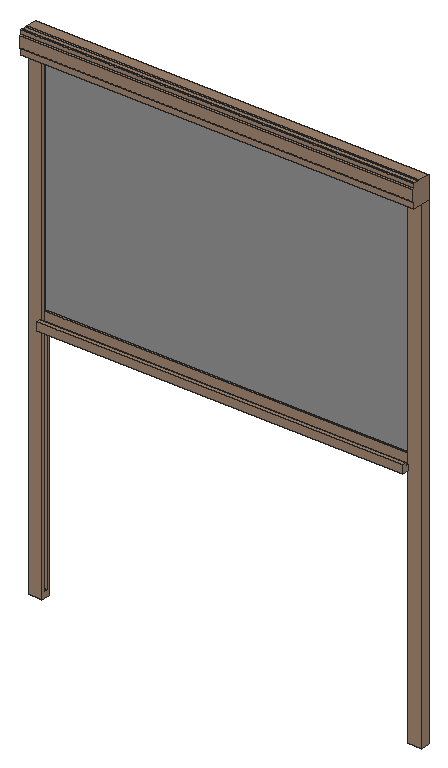
Revit family "Screen_Window_PrestigeSeries_PhantomScreens", category Windows, host Wall, Revit 2016
Family settings
  Host = Wall
  OmniClass Number = 23.30.60.21
  OmniClass Title = Insect Screens
  Always vertical = Yes
  Cut with Voids When Loaded = No
  Shared = No
  Room Calculation Point = No
Parameters (values of type "Type as Specified")
  Wooden Slide Bar = Dark Ash
  URL = "http://www.phantomscreens.com/"
  Track Width = 0' - 1 89/256"
  Track Depth = 0' - 0 223/256"
  Specification = "http://www.phantomscreens.com/architects-designers/specifications-binder/"
  Slide Bar Height = 0' - 1.395"
  Slide Bar Depth = 0' - 1 1/2"
  Screen Thickness = 0' - 0 1/32"
  Screen = BetterVue™ Mesh
  Sales Information = "http://www.phantomscreens.com/support/"
  Revision = "R1_08-2016"
  Product Properties = "http://www.phantomscreens.com/drive/uploads/2015/05/technical_specs_serene.pdf"
  Product Data = "http://www.arcat.com/arcatcos/cos9540/arc40535.html"
  Percent Open [instance] = 50
  Model = "Prestige Series"
  Manufacturer Website = "http://www.phantomscreens.com/"
  Manufacturer Phone - Toll Free = ""
  Manufacturer Phone = "604-855-3654"
  Manufacturer Fax = "604-855-7834"
  Manufacturer Address = "30451 Simpson Rd.; Abbotsford; BC; Canada V2T 6C7"
  Manufacturer = "Phantom Screens"
  Keynote = "08 11 00"
  Installation-Fabrication = "http://www.phantomscreens.com/architects-designers/options/"
  Housing Depth = 0' - 1.901"
  Housing Height = 0' - 2.264"
  Height [instance] = 4' - 0"
  Drawn By = "Sumex Design - Robert S Weygant"
  Description = "Phantom Screens Prestige Series Screen"
  Default Sill Height = 3' - 0"
  Wall Closure = By host
  Width [instance] = 3' - 0"
  Copyright = "� 2016 ARCAT Inc."
  Construction Details = "http://www.arcat.com/details/phantoms/95prod3446.html"
  Assembly Code = "B2020400"
  Amount Open [instance] = Height * (Percent Open / 100)  # 2' - 0"
  Aluminum Track = Dark Ash
  Aluminum Slide Bar = Dark Ash
  Aluminum Housing = Dark Ash
Reference planes (in)
  plane 1 "Center (Front/Back)": y = 0
  plane 2: z = 0
  plane 3 "Center (Left/Right)": x = 0
  plane 4 "Left": x = -18
  plane 5 "Right": x = 18
  plane 6 "Sill": z = 36
  plane 7 "Top": z = 84
  plane 8: z = 86.264
  plane 9: x = 19.34766
  plane 10: x = -19.34766
  plane 11: y = -3
  plane 12: y = -4.901
  plane 13: z = 60
  plane 14: z = 61.395
  plane 15: y = -3.35938
  plane 16: y = -3.39062
  plane 17: y = -3.87109
  plane 18: y = -4.5
Forms (in)
  Extrusion 1, solid, material "Dark Ash" <- "Aluminum Track"
    sketch origin (0, 0, 0) x (1, 0, 0) y (0, 0, 1)
      loop
        line (19.34766, 84) -> (18, 84) -> (18, 36) -> (19.34766, 36) -> (19.34766, 84)
    from 3 to 3.87109
  Extrusion 2, solid, material "Dark Ash" <- "Aluminum Track"
    sketch origin (0, 0, 0) x (-1, 0, 0) y (0, 0, -1)
      loop
        line (19.34766, -84) -> (19.34766, -36) -> (18, -36) -> (18, -84) -> (19.34766, -84)
    from 3 to 3.87109
  Extrusion 3, solid, material "Dark Ash" <- "Wooden Slide Bar"
    sketch origin (0, 0, 0) x (0, 1, 0) y (0, 0, 1)
      loop
        line (-3, 61.395) -> (-3.64665, 61.395) -> (-3.64665, 60.54676) -> (-4.12903, 60.54676) -> (-4.12903, 60.79676) -> (-4.5, 60.79676) -> (-4.5, 60) -> (-3, 60) -> (-3, 61.395)
    from -18 to 18
  Extrusion 4, solid, material "BetterVue™ Mesh" <- "Screen"
    sketch origin (0, 0, 0) x (0, 1, 0) y (0, 0, 1)
      loop
        line (-3.35938, 61.395) -> (-3.35938, 84) -> (-3.39062, 84) -> (-3.39062, 61.395) -> (-3.35938, 61.395)
    from -18 to 18
  Extrusion 5, solid, material "Dark Ash" <- "Aluminum Housing"
    sketch origin (0, 0, 0) x (0, 1, 0) y (0, 0, 1)
      loop
        line (-3, 84) -> (-3, 86.264) -> (-4.14063, 86.264) -> (-4.21254, 86.19208) -> (-4.62425, 86.19208) -> (-4.66577, 86.264) -> (-4.74056, 86.264) -> (-4.78672, 86.21783) -> (-4.78672, 85.81578) -> (-4.901, 85.7015) -> (-4.901, 84.6875) -> (-4.78672, 84.57322) -> (-4.78672, 84) -> (-3, 84)
    from -19.34766 to 19.34766
  Extrusion 6, void
    sketch origin (0, 0, 36) x (0, -1, 0) y (1, 0, 0)
      loop
        line (3.23437, 18) -> (3.66016, 18) -> (3.66016, 18.37421) -> (3.76953, 18.37421) -> (3.76953, 19.09766) -> (3.13803, 19.09766) -> (3.13803, 18.37421) -> (3.23437, 18.37421) -> (3.23437, 18)
      loop
        line (3.23437, -18) -> (3.23437, -18.37421) -> (3.13803, -18.37421) -> (3.13803, -19.09766) -> (3.76953, -19.09766) -> (3.76953, -18.37421) -> (3.66016, -18.37421) -> (3.66016, -18) -> (3.23437, -18)
    from 0.62071 to 48
Cuts and joins
  Extrusion 6 cuts Extrusion 1
  Extrusion 6 cuts Extrusion 2
Text (in)
  text "EXTERIOR" at (-69.21001, -25.56818, 0), in view "Ref. Level"
  text "INTERIOR" at (-66.85452, 30.38598, 0), in view "Ref. Level"
  text "Exterior" at (0, 43.65631, 123.19604), in view "Left"
  text "Exterior" at (0, 18.29385, 125.04747), in view "Right"
Dimensions and locks (in)
  equal spacing: plane 4 "Left", plane 3 "Center (Left/Right)", plane 5 "Right"
  "Width": plane 4 "Left" to plane 5 "Right"
  "Height": plane 6 "Sill" to plane 7 "Top"
  "Default Sill Height": plane 2 to plane 6 "Sill"
  "Housing Height": plane 7 "Top" to plane 8
  "Housing Depth": plane 11 to plane 12
  "Screen Thickness": plane 15 to plane 16
  "Slide Bar Height": plane 13 to plane 14
  "Track Width": plane 5 "Right" to plane 9
  "Track Width": plane 10 to plane 4 "Left"
  "Track Depth": plane 17 to plane 11
  "Slide Bar Depth": plane 18 to plane 11
  "Amount Open": plane 13 to plane 6 "Sill"
  aligned and locked: level to plane 2
  aligned and locked: Extrusion 1 to plane 11
  aligned and locked: Extrusion 2 to plane 4 "Left"
  aligned and locked: plane 10 to Extrusion 2
  aligned and locked: plane 14 to Extrusion 3 sketch curve
  aligned and locked: Extrusion 3 sketch curve to plane 11
  aligned and locked: Extrusion 3 sketch curve to plane 13
  aligned and locked: Extrusion 3 to Extrusion 4 sketch curve
  aligned and locked: Extrusion 4 sketch curve to plane 15
  aligned and locked: plane 7 "Top" to Extrusion 4 sketch curve
  aligned and locked: plane 16 to Extrusion 4 sketch curve
  aligned and locked: Extrusion 3 to plane 5 "Right"
  aligned and locked: Extrusion 4 to plane 5 "Right"
  aligned and locked: plane 5 "Right" to Extrusion 3  (x2)
  aligned and locked: Extrusion 1 to plane 9
  aligned and locked: plane 4 "Left" to Extrusion 3
  aligned and locked: plane 14 to Extrusion 3  (x2)
  aligned and locked: Extrusion 3 to plane 13  (x2)
  aligned and locked: Extrusion 4 to plane 7 "Top"
  aligned and locked: plane 5 "Right" to Extrusion 1
  aligned and locked: Extrusion 4 to plane 16
  aligned and locked: plane 15 to Extrusion 4
  aligned and locked: Extrusion 2 to plane 11
  aligned and locked: Extrusion 4 to plane 14
  aligned and locked: Extrusion 3 to plane 11
  aligned and locked: plane 4 "Left" to Extrusion 4
  aligned and locked: Extrusion 5 sketch curve to plane 11
  aligned and locked: plane 7 "Top" to Extrusion 5 sketch curve
  aligned and locked: plane 12 to Extrusion 5 sketch curve
  aligned and locked: plane 8 to Extrusion 5  (x3)
  aligned and locked: plane 12 to Extrusion 5  (x2)
  aligned and locked: plane 7 "Top" to Extrusion 5  (x2)
  aligned and locked: Extrusion 5 to plane 9
  aligned and locked: plane 10 to Extrusion 5
  aligned and locked: Extrusion 1 to plane 17
  aligned and locked: Extrusion 2 to Extrusion 1
  aligned and locked: plane 18 to Extrusion 3
  aligned and locked: Extrusion 5 to plane 11  (x2)
  aligned and locked: Extrusion 6 to plane 7 "Top"
  aligned and locked: cut or joined group of Extrusion 2, Extrusion 6 to plane 11
  aligned and locked: plane 11 to cut or joined group of Extrusion 1, Extrusion 6
  aligned and locked: plane 11 to host wall
Automatic sketch dimensions
  plane 4 "Left" to Extrusion 2 sketch curve = 0' - 0"
  Extrusion 2 sketch curve to plane 6 "Sill" = 0' - 0"
  plane 10 to Extrusion 2 sketch curve = 0' - 0"
  Extrusion 2 sketch curve to plane 7 "Top" = 0' - 0"
  Extrusion 3 sketch curve to plane 16 = 0' - 0.25603"
  plane 13 to Extrusion 3 sketch curve = 0' - 0.54676"
  Extrusion 3 sketch curve to Extrusion 3 sketch curve = 0' - 0 1/4"
  plane 9 to Extrusion 1 sketch curve = 0' - 0"
  Extrusion 1 sketch curve to plane 7 "Top" = 0' - 0"
  Extrusion 3 sketch curve to plane 17 = 0' - 0.25794"
  Extrusion 3 sketch curve to plane 12 = 0' - 0.401"
  plane 5 "Right" to Extrusion 1 sketch curve = 0' - 0"
  Extrusion 1 sketch curve to plane 6 "Sill" = 0' - 0"
  Extrusion 5 sketch curve to plane 8 = 0' - 0.04617"
  Extrusion 5 sketch curve to plane 8 = 0' - 0"  (x2)
  Extrusion 5 sketch curve to plane 12 = 0' - 0.11428"  (x2)
  Extrusion 5 sketch curve to Extrusion 5 sketch curve = 0' - 0.04617"
  Extrusion 5 sketch curve to Extrusion 5 sketch curve = 0' - 0.4117"
  Extrusion 5 sketch curve to Extrusion 5 sketch curve = 0' - 0.07192"
  Extrusion 5 sketch curve to plane 7 "Top" = 0' - 0.57322"
  Extrusion 5 sketch curve to Extrusion 5 sketch curve = 0' - 0.11428"  (x2)
  Extrusion 5 sketch curve to plane 8 = 0' - 0 9/16"
  Extrusion 5 sketch curve to Extrusion 5 sketch curve = 0' - 0.07479"
  Extrusion 5 sketch curve to Extrusion 5 sketch curve = 0' - 0.04152"
  Extrusion 5 sketch curve to plane 8 = 0' - 0.07192"
  Extrusion 6 sketch curve to plane 5 "Right" = 0' - 0"
  Extrusion 6 sketch curve to plane 4 "Left" = 0' - 0"
  plane 15 to Extrusion 6 sketch curve = 0' - 0 1/8"  (x2)
  Extrusion 6 sketch curve to Extrusion 6 sketch curve = 0' - 0.09635"  (x2)
  plane 17 to Extrusion 6 sketch curve = 0' - 0 27/128"
  plane 17 to Extrusion 6 sketch curve = 0' - 0 13/128"  (x2)
  plane 4 "Left" to Extrusion 6 sketch curve = 0' - 0.37421"  (x2)
  Extrusion 6 sketch curve to plane 5 "Right" = 0' - 0.37421"  (x2)
  plane 9 to Extrusion 6 sketch curve = 0' - 0 1/4"
  Extrusion 6 sketch curve to plane 10 = 0' - 0 1/4"
  Extrusion 6 sketch curve to Extrusion 6 sketch curve = 0' - 0 7/64"
